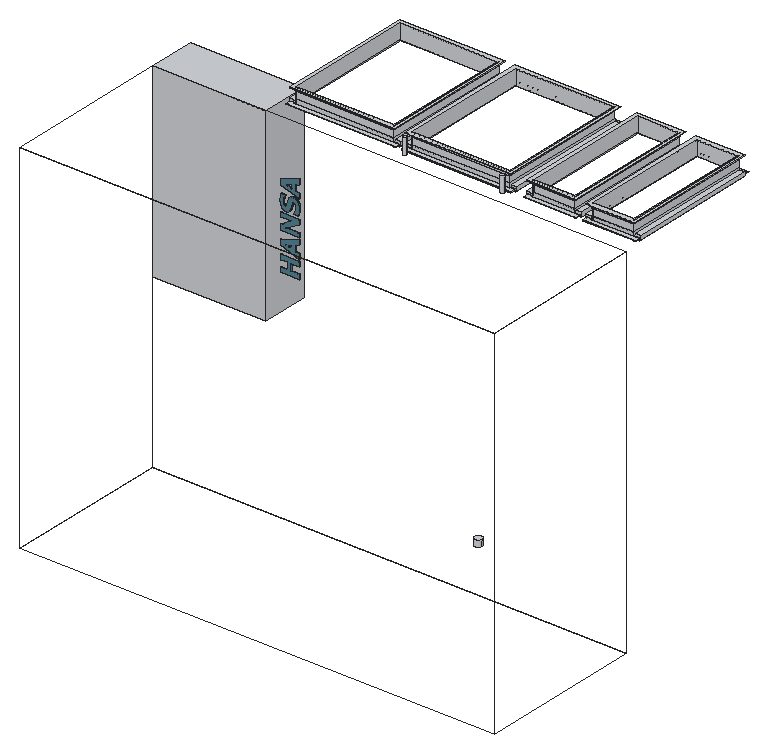
Revit family "KL-P-023-iK-G-R", category HLS-Bauteile, Revit 2020
Family settings
  Bemaßung runder Anschluss = Durchmesser verwenden
  Klassifizierung = Keine
  Teiletyp = Normal
  Arbeitsebenenbasiert = Nein
  Immer vertikal = Ja
  Beim Laden mit Abzugskörper schneiden = Nein
  Gemeinsam genutzt = Nein
  Raumberechnungspunkt = Nein
Parameters
  Zuluftbreite [instance] = 520 mm  # constant formula
  Vorgabe-Ansicht = 0 mm
  TyS [instance] = size_lookup("TyS_Hansa_KL_P", "", "ND", RLT_Serie, Gehaeuserichtung, Gehaeuseausfuehrung, RLT_MSR_KZ)  # "KL-P-023-iK-G-R-eCS"
  Schaltschrankbreite [instance] = 600 mm
  Schaltschrank_montiert [instance] = yes
  SSaG [instance] = and(or(Regelung SAIA, Regelung OJ), Schaltschrank_montiert)  # yes
  Regelung SAIA [instance] = yes
  Regelung OJ [instance] = no
  RLT_Volumenstrom_max = 2300 m³/h  # constant formula
  RLT_Volumenstrom_Unit_2 [instance] = 2300 m³/h
  RLT_Volumenstrom_Unit_1 [instance] = 2300 m³/h
  RLT_Typenschlüssel [instance] = TyS  # "KL-P-023-iK-G-R-eCS"
  RLT_Serie = "KL-P-023-iK"  # constant formula
  RLT_Material_außen [instance] = Stahlblech verzinkt + RAL 9002
  RLT_MSR_KZ [instance] = if(Regelung SAIA, "eCS", if(Regelung OJ, "eCO", "-"))  # "eCS"
  RLT_Länge [instance] = L  # 1920 mm
  RLT_Höhe = H  # 1790 mm
  RLT_Gewicht [instance] = size_lookup("TD_Hansa_KL_P", "Gewicht", 0 mm, TyS) / 1 mm * 1.00 kg  # 0.00 kg
  RLT_Breite = B  # 880 mm
  Modell = "KL-P-023-iK-G-R"  # constant formula
  L2 = 660 mm  # constant formula
  L1 = 1260 mm  # constant formula
  L = L1 + L2  # 1920 mm
  Kanaltiefe [instance] = RLT_Breite - 190 mm  # 690 mm
  Hersteller = "Hansa"  # constant formula
  H = 1790 mm  # constant formula
  GeräteOK [instance] = H + Fuß  # 1910 mm
  Gehaeuserichtung [instance] = "R"  # constant formula
  Gehaeuseausfuehrung [instance] = "geteilt"  # constant formula
  GD_Spannung [instance] = 230 V
  GD_Phasen [instance] = 1
  GD_Nennstrom [instance] = 0 A
  GD_Anschlussleistung [instance] = 0 W
  Fuß [instance] = 120 mm  # constant formula
  Fortluftbreite = 220 mm  # constant formula
  Bedienzone [instance] = yes
  Baugruppe [instance] = "RLT-Gerät"  # constant formula
  BZl [instance] = if(and(or(Regelung SAIA, Regelung OJ), Schaltschrank_montiert), L + Schaltschrankbreite, L)  # 2520 mm
  B = 880 mm  # constant formula
  Außenluftbreite = 220 mm  # constant formula
  Abluftbreite [instance] = 520 mm  # constant formula
Reference planes
  plane 1 "Mitte (Vorne/hinten)": y = 0
  plane 2: z = 0
  plane 3 "Mitte (Links/rechts)": x = 0
  plane 4: x = -960
  plane 5: x = 960
  plane 6 "GV": y = -440
  plane 7 "GH": y = 440
  plane 8 "OKG": z = 1910
  plane 9: y = 377.5
  plane 10: y = -312.5
  plane 11: x = -897.5
  plane 12: x = 897.5
  plane 13: x = -377.5
  plane 14: x = -282.5
  plane 15: x = 237.5
  plane 16: x = 677.5
  plane 17: x = 582.5
  plane 18: x = 362.5
  plane 19: z = 1990
  plane 20 "UKG": z = 120
  plane 21: y = -190
  plane 22: y = -230
  plane 23: z = 90
  plane 24: y = -364
  plane 25: x = 300
  plane 26: y = -1320
  plane 27: x = -1560
Forms (mm)
  Extrusion 1, solid, visible <- "SSaG"
    sketch origin (-61.559, 0, -70) x (1, 0, 0) y (0, 0, 1)
      loop
        line (-1498.441, 1980) -> (-1498.441, 980) -> (-898.441, 980) -> (-898.441, 1980) -> (-1498.441, 1980)
    from 440 to 190
  Extrusion 2, solid
    sketch origin (0, 0, 0) x (1, 0, 0) y (0, 1, 0)
      loop
        circle (0, -230) r 20
    from 120 to 90
  Extrusion 3, solid, material "Glas - klar", visible <- "Bedienzone"
    sketch origin (-600, 0, 0) x (1, 0, 0) y (0, 1, 0)
      loop
        line (-960, -440) -> (-960, -1320) -> (1560, -1320) -> (1560, -440) -> (-960, -440)
    from 1910 to 0
  Extrusion 4, solid
    sketch origin (0, 0, 0) x (1, 0, 0) y (0, 1, 0)
      loop
        circle (-282.5, -364) r 10
    from 1990 to 1910
  Extrusion 5, solid
    sketch origin (0, 0, 0) x (1, 0, 0) y (0, 1, 0)
      loop
        circle (237.5, -364) r 10
    from 1990 to 1910
Dimensions and locks
  equal spacing: plane 4, plane 3 "Mitte (Links/rechts)", plane 5
  "L": plane 4 to plane 5
  "B": plane 7 "GH" to plane 6 "GV"
  locked: plane 7 "GH" to plane 9 at 62.5
  locked: plane 4 to plane 11 at 62.5
  locked: plane 12 to plane 5 at 62.5
  "Abluftbreite": plane 11 to plane 13
  locked: plane 13 to plane 14 at 95
  "Zuluftbreite": plane 14 to plane 15
  "Fortluftbreite": plane 16 to plane 12
  locked: plane 17 to plane 16 at 95
  "Außenluftbreite": plane 18 to plane 17
  plane 15 to plane 18 = 125 mm
  locked: nested 3 to plane 16 at 95
  "Fuß": plane 20 "UKG" to level
  plane 19 to plane 8 "OKG" = 80 mm
  locked: plane 4 to nested 1 at 62.5
  locked: plane 13 to nested 2 at 95
  locked: nested 4 to plane 5 at 62.5
  plane 5 to Extrusion 1 = 1920 mm
  "RLT_Höhe": plane 8 "OKG" to plane 20 "UKG"
  equal spacing: plane 7 "GH", plane 1 "Mitte (Vorne/hinten)", plane 6 "GV"
  locked: plane 6 "GV" to plane 21 at 250
  locked: plane 6 "GV" to plane 22 at 210
  plane 20 "UKG" to plane 23 = 30 mm
  locked: plane 24 to plane 6 "GV" at 76
  "L1": plane 4 to plane 25
  "B": plane 26 to plane 6 "GV"
  "BZl": Extrusion 3 to Extrusion 3
  "Schaltschrankbreite": plane 27 to plane 4
  plane 18 to plane 15 = 125 mm
  aligned and locked: level to plane 2
  aligned and locked: plane 8 "OKG" to Extrusion 1
  aligned and locked: Extrusion 1 to plane 6 "GV"
  aligned and locked: plane 21 to Extrusion 1
  aligned and locked: plane 20 "UKG" to Extrusion 2
  aligned and locked: Extrusion 2 to plane 23
  aligned and locked: Extrusion 3 to plane 6 "GV"
  aligned and locked: Extrusion 3 to plane 26
  aligned and locked: plane 8 "OKG" to Extrusion 3
  aligned and locked: Extrusion 1 to plane 4
  aligned and locked: plane 19 to Extrusion 4
  aligned and locked: Extrusion 4 to plane 8 "OKG"
  aligned and locked: plane 19 to Extrusion 5
  aligned and locked: Extrusion 1 to Extrusion 3
  aligned and locked: plane 7 "GH" to nested 6
  aligned and locked: plane 4 to nested 6
Automatic sketch dimensions
  Extrusion 1 sketch curve to plane 5 = 2520 mm
  Extrusion 1 sketch curve to plane 8 "OKG" = 0 mm
  Extrusion 1 sketch curve to plane 5 = 1920 mm
  plane 20 "UKG" to Extrusion 1 sketch curve = 790 mm
  Extrusion 2 sketch curve to plane 3 "Mitte (Links/rechts)" = 0 mm
  Extrusion 2 sketch curve to plane 22 = 0 mm
  plane 4 to Extrusion 3 sketch curve = 600 mm
  Extrusion 3 sketch curve to plane 5 = 0 mm
  Extrusion 3 sketch curve to plane 26 = 0 mm
  plane 6 "GV" to Extrusion 3 sketch curve = 0 mm
  Extrusion 4 sketch curve to plane 14 = 0 mm
  Extrusion 4 sketch curve to plane 24 = 0 mm
  Extrusion 5 sketch curve to plane 15 = 0 mm
  Extrusion 5 sketch curve to plane 24 = 0 mm
  radius of Extrusion 2 sketch curve = 20 mm
  radius of Extrusion 4 sketch curve = 10 mm
  radius of Extrusion 5 sketch curve = 10 mm
Nested families
  nested 1: "Kanalstutzen" at (-637.5, 29.209, 1910) x (1, 0, 0) z (0, -1, 0), 2570_EST_Breite <- "Abluftbreite", 2571_EST_Höhe <- "Kanaltiefe", built-in parameter 1001360 <- "GeräteOK", type "Kanalstutzen"
    with Tiefe 80 mm, RahmenG2 20 mm, RahmenG1 30 mm, Höhe 690 mm, Breite 520 mm, 2572_EST_Tiefe 80 mm, 2571_EST_Höhe 690 mm, 2570_EST_Breite 520 mm, 1966_EST_Rahmentyp ""
  nested 2: "Kanalstutzen" at (-22.5, 29.209, 1910) x (1, 0, 0) z (0, -1, 0), 2570_EST_Breite <- "Zuluftbreite", 2571_EST_Höhe <- "Kanaltiefe", built-in parameter 1001360 <- "GeräteOK", type "Kanalstutzen"
    with Tiefe 80 mm, RahmenG2 20 mm, RahmenG1 30 mm, Höhe 690 mm, Breite 520 mm, 2572_EST_Tiefe 80 mm, 2571_EST_Höhe 690 mm, 2570_EST_Breite 520 mm, 1966_EST_Rahmentyp ""
  nested 3: "Kanalstutzen" at (472.5, 29.209, 1910) x (1, 0, 0) z (0, -1, 0), 2570_EST_Breite <- "Außenluftbreite", 2571_EST_Höhe <- "Kanaltiefe", built-in parameter 1001360 <- "GeräteOK", type "Kanalstutzen"
    with Tiefe 80 mm, RahmenG2 20 mm, RahmenG1 30 mm, Höhe 690 mm, Breite 220 mm, 2572_EST_Tiefe 80 mm, 2571_EST_Höhe 690 mm, 2570_EST_Breite 220 mm, 1966_EST_Rahmentyp ""
  nested 4: "Kanalstutzen" at (787.5, 29.209, 1910) x (1, 0, 0) z (0, -1, 0), 2570_EST_Breite <- "Fortluftbreite", 2571_EST_Höhe <- "Kanaltiefe", built-in parameter 1001360 <- "GeräteOK", type "Kanalstutzen"
    with Tiefe 80 mm, RahmenG2 20 mm, RahmenG1 30 mm, Höhe 690 mm, Breite 220 mm, 2572_EST_Tiefe 80 mm, 2571_EST_Höhe 690 mm, 2570_EST_Breite 220 mm, 1966_EST_Rahmentyp ""
  nested 5: "Hansa_Aufkleber_klein" at (-780, -440, 1390) x (0, 0, 1) z (0, -1, 0), type "Hansa_Aufkleber_klein"
  nested 6: "P-023-G-R_ipt" at (0, 0, 0), type "Norm"
Connectors
  hvac at (-637.5, 29.209, 1989), driven by "RLT_Volumenstrom_Unit_2", driven by "Abluftbreite", driven by "Kanaltiefe"
    settings: on nested 1, index 1, duct flow 2300 m³/h, flow factor 0, pres drop 0.0 Pa, loss coef 0, conn angle 0.00°, conn width 520 mm, conn height 690 mm, conn diameter 609.6 mm, duct sys type 2, conn prof type 1, flow config 0, flow direction 1, loss method 0, conn ref index -1, conn util no, is conn primary yes, conn desc ""
  hvac at (-22.5, 29.209, 1989), driven by "RLT_Volumenstrom_Unit_1", driven by "Zuluftbreite", driven by "Kanaltiefe"
    settings: on nested 2, index 2, duct flow 2300 m³/h, flow factor 0, pres drop 0.0 Pa, loss coef 0, conn angle 0.00°, conn width 520 mm, conn height 690 mm, conn diameter 609.6 mm, duct sys type 1, conn prof type 1, flow config 0, flow direction 2, loss method 0, conn ref index -1, conn util no, is conn primary no, conn desc ""
  hvac at (472.5, 29.209, 1989), driven by "RLT_Volumenstrom_Unit_1", driven by "Außenluftbreite", driven by "Kanaltiefe"
    settings: on nested 3, index 3, duct flow 2300 m³/h, flow factor 0, pres drop 0.0 Pa, loss coef 0, conn angle 0.00°, conn width 220 mm, conn height 690 mm, conn diameter 609.6 mm, duct sys type 1, conn prof type 1, flow config 0, flow direction 1, loss method 0, conn ref index -1, conn util no, is conn primary no, conn desc ""
  hvac at (787.5, 29.209, 1989), driven by "RLT_Volumenstrom_Unit_2", driven by "Fortluftbreite", driven by "Kanaltiefe"
    settings: on nested 4, index 4, duct flow 2300 m³/h, flow factor 0, pres drop 0.0 Pa, loss coef 0, conn angle 0.00°, conn width 220 mm, conn height 690 mm, conn diameter 609.6 mm, duct sys type 3, conn prof type 1, flow config 1, flow direction 2, loss method 0, conn ref index -1, conn util no, is conn primary no, conn desc ""
  piping at (0, -230, 90), diameter 40
    settings: on Extrusion 2, index 5, connector inside diameter 609.6 mm, connector length 0 mm, flow factor 0, pipe flow 0.0 L/s, pressure drop 0.0 Pa, fitting loss kfactor 0, connector angle 0.00°, fixture units 0, engagement length 0 mm, angle of deflection 0.00°, flow configuration 0, flow direction 2, fitting loss method 0, system type 16, joint type 0, gender type 0, connector reference index -1, connector utility 0, adjustable connector no, is connector primary yes, connector description ""
  piping at (-282.5, -364, 1990), diameter 20
    settings: on Extrusion 4, index 6, connector inside diameter 609.6 mm, connector length 0 mm, flow factor 0, pipe flow 0.0 L/s, pressure drop 0.0 Pa, fitting loss kfactor 0, connector angle 0.00°, fixture units 0, engagement length 0 mm, angle of deflection 0.00°, flow configuration 0, flow direction 0, fitting loss method 0, system type 19, joint type 0, gender type 0, connector reference index -1, connector utility 0, adjustable connector no, is connector primary no, connector description ""
  piping at (237.5, -364, 1990), diameter 20
    settings: on Extrusion 5, index 7, connector inside diameter 609.6 mm, connector length 0 mm, flow factor 0, pipe flow 0.0 L/s, pressure drop 0.0 Pa, fitting loss kfactor 0, connector angle 0.00°, fixture units 0, engagement length 0 mm, angle of deflection 0.00°, flow configuration 0, flow direction 0, fitting loss method 0, system type 19, joint type 0, gender type 0, connector reference index -1, connector utility 0, adjustable connector no, is connector primary no, connector description ""
Definition of nested family "Kanalstutzen"
  Parameters (values of type "Kanalstutzen")
    Default Elevation = 0 mm
    Tiefe [instance] = [2572_EST_Tiefe]  # 80 mm
    RahmenG2 [instance] = 20 mm
    RahmenG1 [instance] = 30 mm
    Höhe [instance] = [2571_EST_Höhe]  # 500 mm
    Manufacturer = "Hansa"
    Breite [instance] = [2570_EST_Breite]  # 1000 mm
    Description = "Durchbruchsverkleidung"
    2572_EST_Tiefe [instance] = 80 mm
    2571_EST_Höhe [instance] = 500 mm
    2570_EST_Breite [instance] = 1000 mm
    1966_EST_Rahmentyp [instance] = ""
  Reference planes
    plane 1 "Mitte (Vorne/hinten)": y = 0
    plane 2: z = 0
    plane 3 "Mitte (Links/rechts)": x = 0
    plane 4: x = -500
    plane 5: x = 500
    plane 6 "hinten": y = 80
    plane 7: z = 250
    plane 8: z = -250
    plane 9 "R1links": x = -530
    plane 10 "R1rechts": x = 530
    plane 11 "R2links": x = -520
    plane 12 "R2rechts": x = 520
    plane 13 "R1oben": z = 280
    plane 14 "R1unten": z = -280
    plane 15: z = -270
    plane 16: z = 270
  Forms (mm)
    Sweep 1, solid
      path origin (0, 0, 0) x (1, 0, 0) y (0, 0, 1)
        loop
          line (-500, 250) -> (-500, -250) -> (500, -250) -> (500, 250) -> (-500, 250)
      profile origin (0, 0, 250) x (0, 0, 1) y (0, -1, 0)
        loop
          line (0, -40) -> (0, -80) -> (20, -80) -> (20, -79) -> (1.999, -79) -> (1.999, -59) -> (0.962, -59) -> (0.962, -21.406) -> (1.999, -21.406) -> (1.999, -1.406) -> (30, -1.406) -> (30, 0) -> (0, 0) -> (0, -40)
  Dimensions and locks
    equal spacing: plane 4, plane 3 "Mitte (Links/rechts)", plane 5
    "Breite": plane 4 to plane 5
    equal spacing: plane 7, level, plane 8
    "Höhe": plane 7 to plane 8
    "RahmenG1": plane 9 "R1links" to plane 4
    "RahmenG1": plane 5 to plane 10 "R1rechts"
    "RahmenG2": plane 11 "R2links" to plane 4
    "RahmenG2": plane 5 to plane 12 "R2rechts"
    "RahmenG1": plane 13 "R1oben" to plane 7
    "RahmenG1": plane 8 to plane 14 "R1unten"
    "RahmenG2": plane 16 to plane 7
    "RahmenG2": plane 8 to plane 15
    Sweep 1 sketch curve to Sweep 1 sketch curve = 1.406 mm
    Sweep 1 sketch curve to Sweep 1 sketch curve = 1 mm
    Sweep 1 sketch curve to Sweep 1 sketch curve = 0.962 mm
    "2572_EST_Tiefe": plane 6 "hinten" to plane 1 "Mitte (Vorne/hinten)"
    aligned and locked: level to plane 2
    aligned and locked: plane 16 to Sweep 1 sketch curve
    aligned and locked: plane 13 "R1oben" to Sweep 1 sketch curve
    aligned and locked: plane 1 "Mitte (Vorne/hinten)" to Sweep 1
    aligned and locked: plane 1 "Mitte (Vorne/hinten)" to nested 1
    aligned and locked: nested 1 to plane 10 "R1rechts"
    aligned and locked: nested 2 to plane 9 "R1links"
    aligned and locked: plane 8 to nested 2
    aligned and locked: nested 1 to plane 8
  Automatic sketch dimensions
    plane 4 to Sweep 1 sketch curve = 0 mm
    plane 5 to Sweep 1 sketch curve = 0 mm
    Sweep 1 sketch curve to plane 8 = 0 mm
    Sweep 1 sketch curve to plane 7 = 0 mm
    Sweep 1 sketch curve to plane 1 "Mitte (Vorne/hinten)" = 0 mm
    profile plane to Sweep 1 sketch curve = 0 mm
    Sweep 1 sketch curve to profile plane = 1.999 mm  (x2)
    Sweep 1 sketch curve to Sweep 1 sketch curve = 20 mm  (x2)
    Sweep 1 sketch curve to Sweep 1 sketch curve = 18.594 mm
    Sweep 1 sketch curve to Sweep 1 sketch curve = 19 mm
  Nested families
    nested 1: "EGJK30" at (520, 0, -250), L <- "Höhe", type "EGJK30"
      with L 500 mm
    nested 2: "EGJK30" at (-520, 0, -250) x (-1, 0, 0) z (0, 0, 1), L <- "Höhe", type "EGJK30"
      with L 500 mm
  Definition of nested family "EGJK30"
    Parameters (values of type "EGJK30")
      Default Elevation = 0 mm
      L [instance] = 1000 mm
    Reference planes
      plane 1 "Mitte (Vorne/hinten)": y = 0
      plane 2: z = 0
      plane 3 "Mitte (Links/rechts)": x = 0
    Forms (mm)
      Extrusion 1, solid
        sketch origin (16.67, -35.46, 0) x (1, 0, 0) y (0, 1, 0)
          loop
            line (-26.67, 25.46) -> (-6.67, 25.46) -> (-6.67, 30.46) -> (-1.67, 30.46) -> (-1.67, 50.46) -> (-34.67, 50.46) -> (-34.67, 38.46) -> (-5.67, 38.46) -> (-5.67, 35.46) -> (-25.67, 35.46) -> (-25.67, 36.96) -> (-34.67, 36.96) -> (-34.67, 33.96) -> (-26.67, 25.46)
        from 0 to 1000
    Dimensions and locks
      "L": Extrusion 1 to Extrusion 1
      aligned and locked: level to plane 2
    Automatic sketch dimensions
      plane 1 "Mitte (Vorne/hinten)" to Extrusion 1 sketch curve = 0 mm
      Extrusion 1 sketch curve to plane 3 "Mitte (Links/rechts)" = 18 mm
      plane 1 "Mitte (Vorne/hinten)" to Extrusion 1 sketch curve = 1.5 mm
      Extrusion 1 sketch curve to Extrusion 1 sketch curve = 0 mm
      Extrusion 1 sketch curve to plane 3 "Mitte (Links/rechts)" = 10 mm
      Extrusion 1 sketch curve to plane 3 "Mitte (Links/rechts)" = 9 mm
      plane 1 "Mitte (Vorne/hinten)" to Extrusion 1 sketch curve = 5 mm
      plane 3 "Mitte (Links/rechts)" to Extrusion 1 sketch curve = 10 mm
      Extrusion 1 sketch curve to Extrusion 1 sketch curve = 1 mm
      Extrusion 1 sketch curve to Extrusion 1 sketch curve = 5 mm
      plane 1 "Mitte (Vorne/hinten)" to Extrusion 1 sketch curve = 10 mm
      Extrusion 1 sketch curve to plane 1 "Mitte (Vorne/hinten)" = 1.5 mm
      Extrusion 1 sketch curve to Extrusion 1 sketch curve = 1.5 mm
      Extrusion 1 sketch curve to Extrusion 1 sketch curve = 12 mm
Definition of nested family "Hansa_Aufkleber_klein"
  Parameters (values of type "Hansa_Aufkleber_klein")
    Default Elevation = 1219.2 mm
  Reference planes
    plane 1 "Mitte (Vorne/hinten)": y = 0
    plane 2: z = 0
    plane 3 "Mitte (Links/rechts)": x = 0
  Forms (mm)
    Extrusion 1, solid, detail levels medium+fine
      sketch origin (6.994, -10.767, 0) x (1, 0, 0) y (0, 1, 0)
        loop
          line (-226.694, 10.767) -> (-201.573, 10.767) -> (-201.573, 55.095) -> (-167.456, 55.095) -> (-167.456, 10.767) -> (-142.335, 10.767) -> (-142.335, 110.767) -> (-167.456, 110.767) -> (-167.456, 74.138) -> (-201.573, 74.138) -> (-201.573, 110.767) -> (-226.694, 110.767) -> (-226.694, 10.767)
        loop
          line (202.074, 82.404) -> (191.782, 49.341) -> (212.284, 49.341) -> (202.074, 82.404)
        loop
          line (188.703, 110.767) -> (154.91, 10.767) -> (180.032, 10.767) -> (186.353, 31.189) -> (217.795, 31.189) -> (224.035, 10.767) -> (249.886, 10.767) -> (216.093, 110.767) -> (188.703, 110.767)
        loop
          line (34.084, 10.767) -> (58.233, 10.767) -> (58.233, 110.767) -> (35.299, 110.767) -> (35.299, 53.474) -> (3.37, 110.767) -> (-27.424, 110.767) -> (-27.424, 10.767) -> (-4.49, 10.767) -> (-4.49, 80.459) -> (34.084, 10.767)
        loop
          line (-85.203, 82.404) -> (-95.495, 49.341) -> (-74.993, 49.341) -> (-85.203, 82.404)
        loop
          line (-98.575, 110.767) -> (-132.367, 10.767) -> (-107.245, 10.767) -> (-100.925, 31.189) -> (-69.482, 31.189) -> (-63.242, 10.767) -> (-37.391, 10.767) -> (-71.184, 110.767) -> (-98.575, 110.767)
        loop
          line (73.143, 16.683) -> (80.903, 13.695) -> (89.27, 11.213) -> (93.783, 10.238) -> (98.65, 9.542) -> (103.872, 9.124) -> (109.448, 8.984) -> (114.303, 9.126) -> (118.902, 9.552) -> (123.243, 10.261) -> (127.327, 11.253) -> (131.154, 12.53) -> (134.724, 14.09) -> (138.037, 15.933) -> (141.093, 18.061) -> (143.838, 20.421) -> (146.216, 22.963) -> (148.229, 25.688) -> (149.876, 28.595) -> (151.156, 31.685) -> (152.071, 34.957) -> (152.62, 38.411) -> (152.803, 42.048) -> (152.724, 44.578) -> (152.487, 46.981) -> (152.091, 49.257) -> (151.537, 51.407) -> (150.825, 53.431) -> (149.954, 55.328) -> (148.925, 57.098) -> (147.738, 58.741) -> (144.874, 61.745) -> (141.346, 64.434) -> (137.155, 66.81) -> (132.301, 68.871) -> (127.124, 70.542) -> (122.293, 71.829) -> (112.609, 74.057) -> (109.035, 74.977) -> (106.095, 75.952) -> (103.788, 76.982) -> (102.114, 78.069) -> (100.927, 79.287) -> (100.078, 80.713) -> (99.569, 82.346) -> (99.4, 84.187) -> (99.506, 85.453) -> (99.825, 86.659) -> (100.357, 87.803) -> (101.101, 88.887) -> (102.965, 90.731) -> (105.153, 92.048) -> (107.99, 93.142) -> (110.664, 93.83) -> (113.439, 94.195) -> (116.579, 94.317) -> (120.768, 94.112) -> (124.906, 93.496) -> (128.993, 92.471) -> (133.03, 91.035) -> (136.889, 89.3) -> (140.445, 87.378) -> (143.697, 85.268) -> (146.644, 82.971) -> (148.832, 82.971) -> (148.832, 105.824) -> (145.231, 107.285) -> (141.397, 108.589) -> (137.33, 109.737) -> (133.03, 110.727) -> (128.608, 111.524) -> (124.177, 112.094) -> (119.735, 112.436) -> (115.283, 112.55) -> (110.919, 112.414) -> (106.741, 112.006) -> (102.749, 111.325) -> (98.944, 110.372) -> (95.324, 109.147) -> (91.891, 107.65) -> (88.644, 105.88) -> (85.583, 103.839) -> (82.8, 101.578) -> (80.389, 99.151) -> (78.348, 96.559) -> (76.679, 93.8) -> (75.38, 90.876) -> (74.453, 87.786) -> (73.896, 84.53) -> (73.711, 81.108) -> (74.025, 76.136) -> (74.967, 71.596) -> (76.537, 67.486) -> (78.735, 63.806) -> (80.094, 62.119) -> (81.657, 60.522) -> (83.426, 59.014) -> (85.4, 57.597) -> (87.58, 56.269) -> (89.964, 55.031) -> (92.553, 53.884) -> (95.348, 52.826) -> (100.625, 51.195) -> (106.247, 49.868) -> (111.869, 48.642) -> (117.147, 47.315) -> (119.104, 46.707) -> (120.925, 45.937) -> (122.609, 45.006) -> (124.156, 43.912) -> (125.451, 42.645) -> (126.375, 41.197) -> (126.929, 39.566) -> (127.114, 37.753) -> (127, 36.17) -> (126.658, 34.744) -> (126.089, 33.475) -> (125.291, 32.364) -> (123.275, 30.53) -> (120.874, 29.163) -> (118.413, 28.312) -> (115.242, 27.704) -> (112.052, 27.339) -> (109.529, 27.218) -> (105.242, 27.433) -> (100.889, 28.079) -> (96.47, 29.155) -> (91.985, 30.662) -> (87.561, 32.569) -> (83.324, 34.845) -> (79.274, 37.492) -> (75.413, 40.508) -> (73.143, 40.508) -> (73.143, 16.683)
      from 0 to 2
  Dimensions and locks
    aligned and locked: level to plane 2
Definition of nested family "P-023-G-R_ipt"
  Parameters (values of type "Norm")
    Default Elevation = 0 mm
  Reference planes
    plane 1 "Mitte (Vorne/Hinten)": y = 0
    plane 2: z = 0
    plane 3 "Mitte (Links/Rechts)": x = 0
  Dimensions and locks
    aligned and locked: level to plane 2
